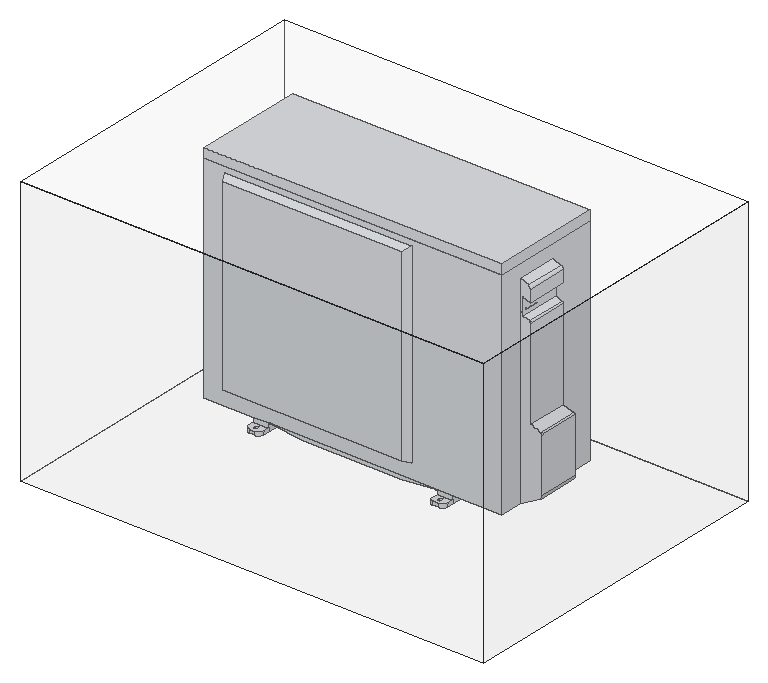
Revit family "puz-zrmp2863ska14_60hz", category 機械設備, Revit 2019 (continued)
Definition of nested family "PUZ-ZRMP-1"
  Lines and regions (mm)
    model lines, visible <- "タイプ1", detail levels fine
      curve 341: arc (-404.5, -100, 64) -> (-404.5, -98.536, 60.464) -> (-404.5, -95, 59) r 5
    model lines, visible <- "タイプ3", not visible
      curve 342: line (-404.5, -100, 907) -> (-404.5, -60, 907)
      curve 343: line (-404.5, -100, 1097) -> (-404.5, -100, 907)
      curve 344: line (-404.5, -60, 1097) -> (-404.5, -100, 1097)
      curve 345: line (-404.5, -60, 907) -> (-404.5, -60, 1097)
      curve 346: line (-404.5, 60, 907) -> (-404.5, 100, 907)
      curve 347: line (-404.5, 60, 1097) -> (-404.5, 60, 907)
      curve 348: line (-404.5, 100, 1097) -> (-404.5, 60, 1097)
      curve 349: line (-404.5, 100, 907) -> (-404.5, 100, 1097)
      curve 350: line (-404.5, -46.667, 907) -> (-404.5, -6.667, 907)
      curve 351: line (-404.5, -46.667, 1097) -> (-404.5, -46.667, 907)
      curve 352: line (-404.5, -6.667, 1097) -> (-404.5, -46.667, 1097)
      curve 353: line (-404.5, -6.667, 907) -> (-404.5, -6.667, 1097)
      curve 354: line (-404.5, 6.667, 907) -> (-404.5, 46.667, 907)
      curve 355: line (-404.5, 6.667, 1097) -> (-404.5, 6.667, 907)
      curve 356: line (-404.5, 46.667, 1097) -> (-404.5, 6.667, 1097)
      curve 357: line (-404.5, 46.667, 907) -> (-404.5, 46.667, 1097)
      curve 358: line (-404.5, -100, 1112) -> (-404.5, -60, 1112)
      curve 359: line (-404.5, -100, 1302) -> (-404.5, -100, 1112)
      curve 360: line (-404.5, -60, 1302) -> (-404.5, -100, 1302)
      curve 361: line (-404.5, -60, 1112) -> (-404.5, -60, 1302)
      curve 362: line (-404.5, 60, 1112) -> (-404.5, 100, 1112)
      curve 363: line (-404.5, 60, 1302) -> (-404.5, 60, 1112)
      curve 364: line (-404.5, 100, 1302) -> (-404.5, 60, 1302)
      curve 365: line (-404.5, 100, 1112) -> (-404.5, 100, 1302)
      curve 366: line (-404.5, -46.667, 1112) -> (-404.5, -6.667, 1112)
      curve 367: line (-404.5, -46.667, 1302) -> (-404.5, -46.667, 1112)
      curve 368: line (-404.5, -6.667, 1302) -> (-404.5, -46.667, 1302)
      curve 369: line (-404.5, -6.667, 1112) -> (-404.5, -6.667, 1302)
      curve 370: line (-404.5, 6.667, 1112) -> (-404.5, 46.667, 1112)
      curve 371: line (-404.5, 6.667, 1302) -> (-404.5, 6.667, 1112)
      curve 372: line (-404.5, 46.667, 1302) -> (-404.5, 6.667, 1302)
      curve 373: line (-404.5, 46.667, 1112) -> (-404.5, 46.667, 1302)
    model lines, visible <- "タイプ2", not visible
      curve 374: line (-600, -100, 33.5) -> (-600, -60, 33.5)
      curve 375: line (-600, -100, 73.5) -> (-600, -100, 33.5)
      curve 376: line (-600, -60, 73.5) -> (-600, -100, 73.5)
      curve 377: line (-600, -60, 33.5) -> (-600, -60, 73.5)
      curve 378: line (-600, 60, 33.5) -> (-600, 100, 33.5)
      curve 379: line (-600, 60, 73.5) -> (-600, 60, 33.5)
      curve 380: line (-600, 100, 73.5) -> (-600, 60, 73.5)
      curve 381: line (-600, 100, 33.5) -> (-600, 100, 73.5)
      curve 382: line (-509, -46.667, 33.5) -> (-509, -6.667, 33.5)
      curve 383: line (-509, -46.667, 73.5) -> (-509, -46.667, 33.5)
      curve 384: line (-509, -6.667, 73.5) -> (-509, -46.667, 73.5)
      curve 385: line (-509, -6.667, 33.5) -> (-509, -6.667, 73.5)
      curve 386: line (-509, 6.667, 33.5) -> (-509, 46.667, 33.5)
      curve 387: line (-509, 6.667, 73.5) -> (-509, 6.667, 33.5)
      curve 388: line (-509, 46.667, 73.5) -> (-509, 6.667, 73.5)
      curve 389: line (-509, 46.667, 33.5) -> (-509, 46.667, 73.5)
      curve 483: line (-404.5, -100, 33.5) -> (-404.5, -60, 33.5)
      curve 484: line (-404.5, -100, 73.5) -> (-404.5, -100, 33.5)
      curve 485: line (-404.5, -60, 73.5) -> (-404.5, -100, 73.5)
      curve 486: line (-404.5, -60, 33.5) -> (-404.5, -60, 73.5)
      curve 487: line (-404.5, 60, 33.5) -> (-404.5, 100, 33.5)
      curve 488: line (-404.5, 60, 73.5) -> (-404.5, 60, 33.5)
      curve 489: line (-404.5, 100, 73.5) -> (-404.5, 60, 73.5)
      curve 490: line (-404.5, 100, 33.5) -> (-404.5, 100, 73.5)
      curve 491: line (-404.5, -46.667, 33.5) -> (-404.5, -6.667, 33.5)
      curve 492: line (-404.5, -46.667, 73.5) -> (-404.5, -46.667, 33.5)
      curve 493: line (-404.5, -6.667, 73.5) -> (-404.5, -46.667, 73.5)
      curve 494: line (-404.5, -6.667, 33.5) -> (-404.5, -6.667, 73.5)
      curve 495: line (-404.5, 6.667, 33.5) -> (-404.5, 46.667, 33.5)
      curve 496: line (-404.5, 6.667, 73.5) -> (-404.5, 6.667, 33.5)
      curve 497: line (-404.5, 46.667, 73.5) -> (-404.5, 6.667, 73.5)
      curve 498: line (-404.5, 46.667, 33.5) -> (-404.5, 46.667, 73.5)
    model lines, not visible
      curve 390: line (-404.5, -100, 87) -> (-404.5, -60, 87)
      curve 391: line (-404.5, -100, 277) -> (-404.5, -100, 87)
      curve 392: line (-404.5, -60, 277) -> (-404.5, -100, 277)
      curve 393: line (-404.5, -60, 87) -> (-404.5, -60, 277)
      curve 394: line (-404.5, -100, 292) -> (-404.5, -60, 292)
      curve 395: line (-404.5, -100, 482) -> (-404.5, -100, 292)
      curve 396: line (-404.5, -60, 482) -> (-404.5, -100, 482)
      curve 397: line (-404.5, -60, 292) -> (-404.5, -60, 482)
      curve 398: line (-404.5, -100, 497) -> (-404.5, -60, 497)
      curve 399: line (-404.5, -100, 687) -> (-404.5, -100, 497)
      curve 400: line (-404.5, -60, 687) -> (-404.5, -100, 687)
      curve 401: line (-404.5, -60, 497) -> (-404.5, -60, 687)
      curve 402: line (-404.5, -100, 702) -> (-404.5, -60, 702)
      curve 403: line (-404.5, -100, 892) -> (-404.5, -100, 702)
      curve 404: line (-404.5, -60, 892) -> (-404.5, -100, 892)
      curve 405: line (-404.5, -60, 702) -> (-404.5, -60, 892)
      curve 406: line (-404.5, 60, 87) -> (-404.5, 100, 87)
      curve 407: line (-404.5, 60, 277) -> (-404.5, 60, 87)
      curve 408: line (-404.5, 100, 277) -> (-404.5, 60, 277)
      curve 409: line (-404.5, 100, 87) -> (-404.5, 100, 277)
      curve 410: line (-404.5, -46.667, 87) -> (-404.5, -6.667, 87)
      curve 411: line (-404.5, -46.667, 277) -> (-404.5, -46.667, 87)
      curve 412: line (-404.5, -6.667, 277) -> (-404.5, -46.667, 277)
      curve 413: line (-404.5, -6.667, 87) -> (-404.5, -6.667, 277)
      curve 414: line (-404.5, 6.667, 87) -> (-404.5, 46.667, 87)
      curve 415: line (-404.5, 6.667, 277) -> (-404.5, 6.667, 87)
      curve 416: line (-404.5, 46.667, 277) -> (-404.5, 6.667, 277)
      curve 417: line (-404.5, 46.667, 87) -> (-404.5, 46.667, 277)
      curve 418: line (-404.5, 60, 292) -> (-404.5, 100, 292)
      curve 419: line (-404.5, 60, 482) -> (-404.5, 60, 292)
      curve 420: line (-404.5, 100, 482) -> (-404.5, 60, 482)
      curve 421: line (-404.5, 100, 292) -> (-404.5, 100, 482)
      curve 422: line (-404.5, 60, 702) -> (-404.5, 100, 702)
      curve 423: line (-404.5, 60, 892) -> (-404.5, 60, 702)
      curve 424: line (-404.5, 100, 892) -> (-404.5, 60, 892)
      curve 425: line (-404.5, 100, 702) -> (-404.5, 100, 892)
      curve 426: line (-404.5, -46.667, 292) -> (-404.5, -6.667, 292)
      curve 427: line (-404.5, -46.667, 482) -> (-404.5, -46.667, 292)
      curve 428: line (-404.5, -6.667, 482) -> (-404.5, -46.667, 482)
      curve 429: line (-404.5, -6.667, 292) -> (-404.5, -6.667, 482)
      curve 430: line (-404.5, -46.667, 497) -> (-404.5, -6.667, 497)
      curve 431: line (-404.5, -46.667, 687) -> (-404.5, -46.667, 497)
      curve 432: line (-404.5, -6.667, 687) -> (-404.5, -46.667, 687)
      curve 433: line (-404.5, -6.667, 497) -> (-404.5, -6.667, 687)
      curve 434: line (-404.5, -46.667, 702) -> (-404.5, -6.667, 702)
      curve 435: line (-404.5, -46.667, 892) -> (-404.5, -46.667, 702)
      curve 436: line (-404.5, -6.667, 892) -> (-404.5, -46.667, 892)
      curve 437: line (-404.5, -6.667, 702) -> (-404.5, -6.667, 892)
      curve 438: line (-404.5, 6.667, 292) -> (-404.5, 46.667, 292)
      curve 439: line (-404.5, 6.667, 482) -> (-404.5, 6.667, 292)
      curve 440: line (-404.5, 46.667, 482) -> (-404.5, 6.667, 482)
      curve 441: line (-404.5, 46.667, 292) -> (-404.5, 46.667, 482)
      curve 442: line (-404.5, 6.667, 497) -> (-404.5, 46.667, 497)
      curve 443: line (-404.5, 6.667, 687) -> (-404.5, 6.667, 497)
      curve 444: line (-404.5, 46.667, 687) -> (-404.5, 6.667, 687)
      curve 445: line (-404.5, 46.667, 497) -> (-404.5, 46.667, 687)
      curve 446: line (-404.5, 6.667, 702) -> (-404.5, 46.667, 702)
      curve 447: line (-404.5, 6.667, 892) -> (-404.5, 6.667, 702)
      curve 448: line (-404.5, 46.667, 892) -> (-404.5, 6.667, 892)
      curve 449: line (-404.5, 46.667, 702) -> (-404.5, 46.667, 892)
      curve 450: line (-338.5, -173.2, 372.5) -> (149.5, -173.2, 372.5)
      curve 451: line (149.5, -173.2, 277.5) -> (-338.5, -173.2, 277.5)
      curve 452: line (-338.5, -173.2, 467.5) -> (149.5, -173.2, 467.5)
      curve 453: line (-338.5, -173.2, 562.5) -> (149.5, -173.2, 562.5)
      curve 454: line (149.5, -173.2, 182.5) -> (-338.5, -173.2, 182.5)
      curve 455: line (149.5, -173.2, 87.5) -> (-338.5, -173.2, 87.5)
      curve 456: line (-321.071, -173.2, 579) -> (-321.071, -173.2, 71)
      curve 457: line (132.071, -173.2, 71) -> (132.071, -173.2, 579)
      curve 458: line (-303.643, -173.2, 579) -> (-303.643, -173.2, 71)
      curve 459: line (-286.214, -173.2, 579) -> (-286.214, -173.2, 71)
      curve 460: line (-268.786, -173.2, 579) -> (-268.786, -173.2, 71)
      curve 461: line (-251.357, -173.2, 579) -> (-251.357, -173.2, 71)
      curve 462: line (-233.929, -173.2, 579) -> (-233.929, -173.2, 71)
      curve 463: line (-216.5, -173.2, 579) -> (-216.5, -173.2, 71)
      curve 464: line (-199.071, -173.2, 579) -> (-199.071, -173.2, 71)
      curve 465: line (-181.643, -173.2, 579) -> (-181.643, -173.2, 71)
      curve 466: line (-164.214, -173.2, 579) -> (-164.214, -173.2, 71)
      curve 467: line (-146.786, -173.2, 579) -> (-146.786, -173.2, 71)
      curve 468: line (-129.357, -173.2, 579) -> (-129.357, -173.2, 71)
      curve 469: line (-111.929, -173.2, 579) -> (-111.929, -173.2, 71)
      curve 470: line (-94.5, -173.2, 579) -> (-94.5, -173.2, 71)
      curve 471: line (-77.071, -173.2, 579) -> (-77.071, -173.2, 71)
      curve 472: line (-59.643, -173.2, 579) -> (-59.643, -173.2, 71)
      curve 473: line (-42.214, -173.2, 579) -> (-42.214, -173.2, 71)
      curve 474: line (-24.786, -173.2, 579) -> (-24.786, -173.2, 71)
      curve 475: line (-7.357, -173.2, 579) -> (-7.357, -173.2, 71)
      curve 476: line (10.071, -173.2, 579) -> (10.071, -173.2, 71)
      curve 477: line (27.5, -173.2, 579) -> (27.5, -173.2, 71)
      curve 478: line (44.929, -173.2, 579) -> (44.929, -173.2, 71)
      curve 479: line (62.357, -173.2, 579) -> (62.357, -173.2, 71)
      curve 480: line (79.786, -173.2, 579) -> (79.786, -173.2, 71)
      curve 481: line (97.214, -173.2, 579) -> (97.214, -173.2, 71)
      curve 482: line (114.643, -173.2, 579) -> (114.643, -173.2, 71)
    symbolic lines, visible <- "タイプ1"
      curve 499: line (-278.151, 150, 630) -> (-404.5, 150, 630)
      curve 500: line (-404.5, 150, 630) -> (-404.5, -5.599, 630)
      curve 501: line (-404.5, 40, 630) -> (-424.5, 30, 630)
      curve 502: line (-424.5, 30, 630) -> (-424.5, -30, 630)
      curve 503: line (-424.5, -30, 630) -> (-404.5, -40, 630)
      curve 504: line (-404.5, -5.599, 630) -> (-404.5, -150, 630)
      curve 505: line (-404.5, -150, 630) -> (-301.612, -150, 630)
      curve 506: arc (-272.806, -170, 630) -> (-268.124, -177.204, 630) -> (-260, -180, 630) r 13.2
      curve 507: line (-260, -180, 630) -> (-243.332, -180, 630)
      curve 508: arc (-243.332, -180, 630) -> (-235.208, -177.204, 630) -> (-230.526, -170, 630) r 13.2
      curve 509: line (-301.612, -150, 630) -> (280.999, -150, 630)
      curve 510: line (230, -150, 630) -> (230, -170, 630)
      curve 511: arc (230, -170, 630) -> (232.929, -177.071, 630) -> (240, -180, 630) r 10
      curve 512: line (240, -180, 630) -> (256.8, -180, 630)
      curve 513: arc (256.8, -180, 630) -> (266.134, -176.134, 630) -> (270, -166.8, 630) r 13.2
      curve 514: line (270, -166.8, 630) -> (270, -150, 630)
      curve 515: line (280.999, -150, 630) -> (404.5, -150, 630)
      curve 516: line (404.5, -150, 630) -> (404.5, -77.105, 630)
      curve 517: line (404.5, -90, 630) -> (466.5, -90, 630)
      curve 518: line (466.5, -90, 630) -> (466.5, 20, 630)
      curve 519: line (466.5, 20, 630) -> (404.5, 20, 630)
      curve 520: line (404.5, -77.105, 630) -> (404.5, 150, 630)
      curve 521: line (404.5, 150, 630) -> (308.975, 150, 630)
      curve 522: line (270, 150, 630) -> (270, 180, 630)
      curve 523: line (270, 180, 630) -> (230, 180, 630)
      curve 524: line (230, 180, 630) -> (230, 150, 630)
      curve 525: line (308.975, 150, 630) -> (-278.151, 150, 630)
      curve 526: line (-230, 150, 630) -> (-230, 180, 630)
      curve 527: line (-230, 180, 630) -> (-270, 180, 630)
      curve 528: line (-270, 180, 630) -> (-270, 150, 630)
      curve 529: line (-324.5, 100, 630) -> (324.5, 100, 630)
      curve 530: line (-324.5, 40, 630) -> (-324.5, 100, 630)
      curve 531: line (324.5, 40, 630) -> (-324.5, 40, 630)
      curve 532: line (324.5, 100, 630) -> (324.5, 40, 630)
      curve 533: line (324.5, 30, 630) -> (-324.5, 30, 630)
      curve 534: line (324.5, -30, 630) -> (324.5, 30, 630)
      curve 535: line (-324.5, -30, 630) -> (324.5, -30, 630)
      curve 536: line (-324.5, 30, 630) -> (-324.5, -30, 630)
      curve 537: line (-324.5, -40, 630) -> (324.5, -40, 630)
      curve 538: line (-324.5, -100, 630) -> (-324.5, -40, 630)
      curve 539: line (324.5, -100, 630) -> (-324.5, -100, 630)
      curve 540: line (324.5, -40, 630) -> (324.5, -100, 630)
      curve 541: line (339.5, 100, 630) -> (354.5, 100, 630)
      curve 542: line (339.5, -100, 630) -> (339.5, 100, 630)
      curve 543: line (354.5, -100, 630) -> (339.5, -100, 630)
      curve 544: line (354.5, 100, 630) -> (354.5, -100, 630)
      curve 545: line (-354.5, 100, 630) -> (-339.5, 100, 630)
      curve 546: line (-354.5, -100, 630) -> (-354.5, 100, 630)
      curve 547: line (-339.5, -100, 630) -> (-354.5, -100, 630)
      curve 548: line (-339.5, 100, 630) -> (-339.5, -100, 630)
      curve 549: line (-338.5, -170, 630) -> (149.5, -170, 630)
      curve 550: line (149.5, -170, 630) -> (159.5, -150, 630)
      curve 551: line (-348.5, -150, 630) -> (-338.5, -170, 630)
  Dimensions and locks
    equal spacing: plane 8, plane 1 "中心(正面/背面)", plane 7
    "奥行き": plane 8 to plane 7
    equal spacing: plane 5, plane 3 "中心(左/右)", plane 6
    "幅さ": plane 5 to plane 6
    "高さ": plane 4 to level
    locked: plane 6 to plane 9 at 62
    locked: plane 8 to plane 10 at 60
    locked: plane 8 to plane 11 at 170
    locked: plane 4 to plane 12 at 25
    locked: plane 13 to plane 5 at 20
    "吊りボルト-D": plane 17 to plane 16
    equal spacing: plane 17, plane 1 "中心(正面/背面)", plane 16
    equal spacing: plane 14, plane 3 "中心(左/右)", plane 15
    "吊りボルト-W": plane 14 to plane 15
    plane 21 to plane 14 to plane 20 = 20 mm locked, 20 mm locked
    plane 19 to plane 15 to plane 18 = 20 mm locked, 20 mm locked
    locked: plane 16 to plane 22 at 15
    locked: plane 23 to plane 17 at 15
    locked: plane 24 to level at 8.5
    locked: plane 25 to level at 20
    locked: plane 26 to plane 24 at 3
    locked: plane 4 to plane 29 at 5
    plane 7 to plane 1 "中心(正面/背面)" to plane 8 = 150 mm, 150 mm
    plane 31 to plane 1 "中心(正面/背面)" to plane 30 = 40 mm locked, 40 mm locked
    plane 33 to plane 1 "中心(正面/背面)" to plane 32 = 30 mm locked, 30 mm locked
    locked: plane 34 to plane 12 at 5
    locked: plane 35 to level at 55
    locked: plane 36 to level at 225
    equal spacing: plane 6, plane 39, plane 9
    locked: plane 6 to plane 38 at 10
    locked: plane 20 to plane 27 at 95
    locked: plane 28 to plane 19 at 95
    "換気-D": plane 40 to plane 8
    "換気-W": plane 41 to plane 5
    "換気-H1": plane 42 to level
    plane 43 to plane 41 to plane 44 = 254 mm locked, 254 mm locked
    plane 45 to plane 42 to plane 46 = 264 mm locked, 264 mm locked
    locked: plane 43 to plane 48 at 10
    locked: plane 47 to plane 44 at 10
    locked: plane 45 to plane 49 at 10
    locked: plane 50 to plane 46 at 10
    locked: curve 26 to plane 50 at 16.5
    locked: plane 49 to curve 24 at 16.5
    equal spacing: curve 24, curve 23, curve 21, curve 22, curve 25, curve 26
    equal spacing: plane 48, curve 28, curve 53, curve 52, curve 51, curve 50, curve 49, curve 48, curve 47, curve 46, curve 45, curve 44, curve 43, curve 42, curve 41, curve 40, curve 39, curve 38, curve 37, curve 36, curve 35, curve 34, curve 33, curve 32, curve 31, curve 30, curve 29, curve 27, plane 47
    locked: curve 4 to curve 6 at 10
    locked: curve 3 to curve 5 at 10
    locked: plane 51 to plane 7 at 50
    locked: plane 8 to plane 52 at 50
    equal spacing: group 1, group 2, group 3, group 4, group 5, group 6, group 7, group 8, group 9, group 10, group 11, group 12, group 13, group 14, group 15, group 16, group 17, group 18  (x2)
    equal spacing: group 18, group 17, group 16, group 15, group 14, group 13, group 12, group 11, group 10, group 9, group 8, group 7, group 6, group 5, group 4, group 3, group 2, group 1
    "ドレン管径-X": plane 5 to plane 53
    "ドレン管径-Y": plane 8 to plane 54
    "配線取出口-Y": plane 57 to plane 7
    "冷媒液管径-Y": plane 58 to plane 7
    "冷媒ガス管径-Y": plane 59 to plane 7
    "配線取出口-X": plane 3 "中心(左/右)" to plane 56
    "冷媒ガス管径-X": plane 3 "中心(左/右)" to plane 55
    "冷媒液管径-X": plane 3 "中心(左/右)" to plane 60
    "冷媒液管径-Z": plane 62 to level
    "冷媒ガス管径-Z": plane 61 to level
    "配線取出口-Z": plane 63 to level
    locked: plane 57 to plane 64 at 50
    locked: plane 65 to plane 61 at 37.8
    locked: plane 66 to plane 62 at 16.1
    equal spacing: plane 55, plane 67, plane 60
    equal spacing: plane 58, plane 68, plane 59
    "a": plane 69 "グループ" to plane 3 "中心(左/右)"
    plane 71 to level = 943 mm
    plane 70 to level = 1338 mm
    locked: plane 37 to level at 570
    curve 21 to plane 42 to curve 22 = 47.5 mm locked, 47.5 mm locked
    "換気-H2": plane 72 to plane 42
    plane 73 to plane 72 to plane 74 = 264 mm locked, 264 mm locked
    locked: plane 76 to plane 74 at 10
    locked: plane 73 to plane 75 at 10
    plane 48 to plane 47 = 488 mm
    plane 68 to plane 7 = 185.5 mm
    plane 61 to level = 99.5 mm
    plane 65 to plane 61 = 37.8 mm
    plane 62 to level = 164.5 mm
    plane 66 to plane 62 = 16.1 mm
    plane 68 to plane 77 to plane 78 = 23 mm locked, 17.5 mm locked
    plane 68 to plane 77 = 23 mm
    plane 77 to plane 78 = 17.5 mm
    equal spacing: plane 77, plane 79, plane 78
    "ドレン配管サイズ": diameter of Extrusion 3 sketch curve
    "配線取出口サイズ": diameter of Extrusion 9 sketch curve
    "吊りボルト-φ": diameter of Extrusion 10 sketch curve  (x4)
    "冷媒配管サイズ": diameter of Sweep 11 sketch curve
    "ガス配管サイズ": diameter of Sweep 12 sketch curve
    aligned and locked: level to plane 2
    aligned and locked: Extrusion 1 to level
    aligned and locked: plane 25 to Extrusion 1
    aligned and locked: Extrusion 2 sketch curve to plane 25
    aligned and locked: Extrusion 2 sketch curve to plane 26
    aligned and locked: Extrusion 2 to plane 7
    aligned and locked: plane 8 to Extrusion 2
    aligned and locked: Extrusion 3 to plane 26
    aligned and locked: Extrusion 3 to plane 24
    aligned and locked: Extrusion 4 sketch curve to plane 7
    aligned and locked: Extrusion 4 sketch curve to plane 8
    aligned and locked: Extrusion 4 sketch curve to plane 5
    aligned and locked: Extrusion 4 sketch curve to plane 6
    aligned and locked: Extrusion 4 to plane 25
    aligned and locked: plane 12 to Extrusion 4
    aligned and locked: Extrusion 5 sketch curve to Extrusion 4  (x4)
    aligned and locked: Extrusion 5 to plane 12
    aligned and locked: plane 4 to Extrusion 5
    aligned and locked: plane 29 to Blend 6 sketch curve
    aligned and locked: Blend 6 sketch curve to plane 31
    aligned and locked: Blend 6 sketch curve to plane 12  (x2)
    aligned and locked: plane 30 to Blend 6 sketch curve
    aligned and locked: plane 34 to Blend 6 sketch curve
    aligned and locked: Blend 6 sketch curve to plane 33
    aligned and locked: plane 32 to Blend 6 sketch curve
    aligned and locked: Blend 6 to plane 13
    aligned and locked: plane 5 to Blend 6
    aligned and locked: Extrusion 7 sketch curve to plane 6
    aligned and locked: Extrusion 7 sketch curve to plane 9
    aligned and locked: Extrusion 7 sketch curve to plane 39
    aligned and locked: Extrusion 7 sketch curve to Extrusion 7 sketch curve
    aligned and locked: Extrusion 7 sketch curve to plane 38
    aligned and locked: Extrusion 7 to plane 11
    aligned and locked: plane 10 to Extrusion 7
    aligned and locked: Blend 8 sketch curve to plane 45
    aligned and locked: Blend 8 sketch curve to plane 46
    aligned and locked: Blend 8 sketch curve to plane 44
    aligned and locked: Blend 8 sketch curve to plane 43
    aligned and locked: Blend 8 sketch curve to plane 49
    aligned and locked: Blend 8 sketch curve to plane 47
    aligned and locked: Blend 8 sketch curve to plane 48
    aligned and locked: Blend 8 sketch curve to plane 50
    aligned and locked: Blend 8 to plane 8
    aligned and locked: plane 40 to Blend 8
    aligned and locked: curve 17 to plane 51
    aligned and locked: curve 1 to plane 51
    aligned and locked: plane 51 to curve 19
    aligned and locked: curve 18 to plane 52
    aligned and locked: plane 52 to curve 2
    aligned and locked: plane 52 to curve 20
    aligned and locked: plane 53 to Extrusion 3 sketch curve
    aligned and locked: plane 54 to Extrusion 3 sketch curve
    aligned and locked: plane 63 to Extrusion 9 sketch curve
    aligned and locked: plane 56 to Extrusion 9 sketch curve
    aligned and locked: plane 57 to Extrusion 9
    aligned and locked: Extrusion 9 to plane 64
    aligned and locked: plane 22 to Extrusion 10 sketch curve  (x4)
    aligned and locked: plane 21 to Extrusion 10 sketch curve
    aligned and locked: Extrusion 2 to Extrusion 10 sketch curve  (x2)
    aligned and locked: Extrusion 10 sketch curve to Extrusion 1  (x6)
    aligned and locked: plane 19 to Extrusion 10 sketch curve
    aligned and locked: Extrusion 10 sketch curve to plane 23  (x2)
    aligned and locked: Extrusion 10 sketch curve to plane 18
    aligned and locked: Extrusion 10 sketch curve to plane 20
    aligned and locked: plane 16 to Extrusion 10 sketch curve  (x2)
    aligned and locked: plane 14 to Extrusion 10 sketch curve  (x2)
    aligned and locked: plane 17 to Extrusion 10 sketch curve  (x2)
    aligned and locked: plane 15 to Extrusion 10 sketch curve  (x2)
    aligned and locked: level to Extrusion 10
    aligned and locked: plane 24 to Extrusion 10
    aligned and locked: Masking region 1 sketch curve to Extrusion 5  (x4)
    aligned and locked: Masking region 1 sketch curve to Blend 6  (x3)
    aligned and locked: Masking region 1 sketch curve to Extrusion 7  (x2)
    aligned and locked: Masking region 1 sketch curve to plane 9
    aligned and locked: Masking region 1 sketch curve to Extrusion 10  (x8)
    aligned and locked: Masking region 1 to curve 499
    aligned and locked: curve 500 to Masking region 1
    aligned and locked: curve 501 to Masking region 1
    aligned and locked: curve 502 to Masking region 1
    aligned and locked: curve 503 to Masking region 1
    aligned and locked: curve 504 to Masking region 1
    aligned and locked: curve 505 to Masking region 1
    aligned and locked: curve 506 to Masking region 1
    aligned and locked: curve 508 to Masking region 1
    aligned and locked: curve 510 to Masking region 1
    aligned and locked: curve 511 to Masking region 1
    aligned and locked: curve 513 to Masking region 1
    aligned and locked: Masking region 1 to curve 515
    aligned and locked: curve 516 to Masking region 1
    aligned and locked: curve 517 to Masking region 1
    aligned and locked: curve 518 to Masking region 1
    aligned and locked: curve 519 to Masking region 1
    aligned and locked: curve 520 to Masking region 1
    aligned and locked: curve 521 to Masking region 1
    aligned and locked: curve 522 to Masking region 1
    aligned and locked: curve 523 to Masking region 1
    aligned and locked: curve 524 to Masking region 1
    aligned and locked: curve 525 to Masking region 1
    aligned and locked: curve 526 to Masking region 1
    aligned and locked: curve 527 to Masking region 1
    aligned and locked: curve 528 to Masking region 1
    aligned and locked: curve 532 to curve 12
    aligned and locked: Masking region 1 sketch curve to curve 21
    aligned and locked: Masking region 1 sketch curve to Blend 8  (x2)
    aligned and locked: curve 549 to Blend 8
    aligned and locked: curve 550 to Blend 8
    aligned and locked: curve 551 to Blend 8
    aligned and locked: plane 78 to Sweep 12 sketch curve
    aligned and locked: plane 58 to Sweep 12 sketch curve
    aligned and locked: plane 77 to Sweep 11 sketch curve
    aligned and locked: plane 58 to Sweep 11 sketch curve
    aligned and locked: plane 61 to Sweep 12 sketch curve
  Automatic sketch dimensions
    Extrusion 2 sketch curve to plane 20 = 0 mm
    Extrusion 2 sketch curve to plane 27 = 0 mm
    Extrusion 2 sketch curve to plane 28 = 0 mm
    Extrusion 2 sketch curve to plane 19 = 0 mm
    Extrusion 7 sketch curve to plane 39 = 0 mm
    Extrusion 7 sketch curve to plane 25 = 0 mm
    Extrusion 7 sketch curve to plane 36 = 0 mm
    Extrusion 7 sketch curve to plane 37 = 0 mm
    Extrusion 7 sketch curve to Extrusion 7 sketch curve = 10 mm
    Extrusion 7 sketch curve to plane 39 = 6.58 mm
    Extrusion 7 sketch curve to Extrusion 7 sketch curve = 5 mm  (x2)
    plane 39 to Extrusion 7 sketch curve = 21 mm
    Extrusion 7 sketch curve to plane 39 = 3.29 mm
    Extrusion 7 sketch curve to plane 9 = 3.29 mm
    Extrusion 7 sketch curve to plane 35 = 2.87 mm
    Extrusion 7 sketch curve to Extrusion 7 sketch curve = 81.633 mm
    Extrusion 7 sketch curve to Extrusion 7 sketch curve = 30.244 mm
    Extrusion 7 sketch curve to Extrusion 7 sketch curve = 7.643 mm
    plane 7 to Extrusion 1 sketch curve = 0 mm  (x2)
    Extrusion 1 sketch curve to plane 18 = 0 mm
    plane 8 to Extrusion 1 sketch curve = 0 mm  (x2)
    Extrusion 1 sketch curve to plane 19 = 0 mm
    Extrusion 1 sketch curve to plane 20 = 0 mm
    Extrusion 1 sketch curve to plane 21 = 0 mm
    curve 383 to curve 384 = 40 mm
    curve 382 to curve 386 = 13.333 mm
    curve 386 to curve 386 = 40 mm
    curve 382 to curve 389 = 0 mm
    curve 382 to curve 384 = 40 mm
    curve 384 to curve 387 = 0 mm
    curve 375 to curve 376 = 40 mm
    curve 374 to curve 378 = 120 mm
    curve 378 to curve 378 = 40 mm
    curve 374 to curve 381 = 0 mm
    curve 374 to curve 376 = 40 mm
    curve 378 to curve 379 = 40 mm
    curve 25 to plane 47 = 0 mm
    curve 24 to plane 47 = 0 mm
    curve 22 to plane 47 = 0 mm
    curve 23 to plane 47 = 0 mm
    curve 26 to plane 47 = 0 mm
    curve 21 to plane 47 = 0 mm
    curve 24 to plane 48 = 0 mm
    curve 25 to plane 48 = 0 mm
    curve 26 to plane 48 = 0 mm
    curve 23 to plane 48 = 0 mm
    curve 22 to plane 48 = 0 mm
    curve 21 to plane 48 = 0 mm
    curve 37 to plane 50 = 0 mm
    curve 52 to plane 50 = 0 mm
    curve 51 to plane 50 = 0 mm
    curve 50 to plane 50 = 0 mm
    curve 49 to plane 50 = 0 mm
    curve 48 to plane 50 = 0 mm
    curve 47 to plane 50 = 0 mm
    curve 46 to plane 50 = 0 mm
    curve 45 to plane 50 = 0 mm
    curve 44 to plane 50 = 0 mm
    curve 43 to plane 50 = 0 mm
    curve 42 to plane 50 = 0 mm
    curve 41 to plane 50 = 0 mm
    curve 27 to plane 50 = 0 mm
    curve 28 to plane 50 = 0 mm
    curve 40 to plane 50 = 0 mm
    curve 39 to plane 50 = 0 mm
    curve 29 to plane 50 = 0 mm
    curve 38 to plane 50 = 0 mm
    curve 30 to plane 50 = 0 mm
    curve 53 to plane 50 = 0 mm
    curve 31 to plane 50 = 0 mm
    curve 36 to plane 50 = 0 mm
    curve 32 to plane 50 = 0 mm
    curve 35 to plane 50 = 0 mm
    curve 33 to plane 50 = 0 mm
    curve 34 to plane 50 = 0 mm
    curve 28 to plane 49 = 0 mm
    curve 41 to plane 49 = 0 mm
    curve 27 to plane 49 = 0 mm
    curve 42 to plane 49 = 0 mm
    curve 31 to plane 49 = 0 mm
    curve 40 to plane 49 = 0 mm
    curve 37 to plane 49 = 0 mm
    curve 39 to plane 49 = 0 mm
    curve 32 to plane 49 = 0 mm
    curve 45 to plane 49 = 0 mm
    curve 36 to plane 49 = 0 mm
    curve 46 to plane 49 = 0 mm
    curve 43 to plane 49 = 0 mm
    curve 47 to plane 49 = 0 mm
    curve 29 to plane 49 = 0 mm
    curve 48 to plane 49 = 0 mm
    curve 30 to plane 49 = 0 mm
    curve 49 to plane 49 = 0 mm
    curve 44 to plane 49 = 0 mm
    curve 50 to plane 49 = 0 mm
    curve 33 to plane 49 = 0 mm
    curve 51 to plane 49 = 0 mm
    curve 35 to plane 49 = 0 mm
    curve 52 to plane 49 = 0 mm
    curve 38 to plane 49 = 0 mm
    curve 53 to plane 49 = 0 mm
    curve 34 to plane 49 = 0 mm
    Masking region 1 sketch curve to plane 5 = 0 mm
    Masking region 1 sketch curve to plane 6 = 0 mm
    plane 7 to Masking region 1 sketch curve = 0 mm  (x2)
    Masking region 1 sketch curve to plane 15 = 10 mm
    Masking region 1 sketch curve to plane 19 = 0 mm
    plane 8 to Masking region 1 sketch curve = 0 mm  (x2)
    plane 32 to curve 535 = 0 mm
    plane 33 to curve 534 = 0 mm
    curve 541 to plane 56 = 45.5 mm
    curve 13 to curve 20 = 15 mm
    plane 18 to curve 535 = 54.5 mm
    curve 532 to curve 6 = 0 mm
    curve 537 to curve 5 = 0 mm
    plane 47 to curve 536 = 14 mm
    plane 47 to curve 538 = 14 mm
    plane 47 to curve 1 = 14 mm
    curve 16 to plane 47 = 1 mm
    curve 15 to plane 44 = 6 mm
    plane 1 "中心(正面/背面)" to curve 504 = 5.599 mm
    curve 528 to curve 499 = 8.151 mm
    curve 521 to curve 522 = 38.975 mm
    curve 516 to plane 10 = 12.895 mm
    curve 515 to curve 514 = 10.999 mm
    plane 40 to Masking region 1 sketch curve = 0 mm
    Masking region 1 sketch curve to plane 40 = 3.2 mm  (x2)
    Masking region 1 sketch curve to plane 14 = 10 mm
    Masking region 1 sketch curve to plane 20 = 0.526 mm
    curve 509 to plane 21 = 31.612 mm
    Sweep 12 sketch curve to plane 65 = 0 mm
    Sweep 11 sketch curve to plane 62 = 0 mm
    Sweep 11 sketch curve to plane 66 = 0 mm
    plane 40 to Extrusion 10 sketch curve = 0 mm
    plane 17 to Extrusion 10 sketch curve = 0 mm  (x2)
    Extrusion 10 sketch curve to Extrusion 10 sketch curve = 1.8 mm  (x3)
    plane 17 to Extrusion 10 sketch curve = 1.8 mm  (x2)
    Extrusion 10 sketch curve to Extrusion 10 sketch curve = 0 mm
    Sweep 11 sketch curve to plane 67 = 0 mm
    Sweep 11 sketch curve to profile plane = 0 mm
    Sweep 12 sketch curve to plane 67 = 0 mm
    Sweep 12 sketch curve to profile plane = 0 mm
Definition of nested family "固定点"
  Parameters (values of type "固定点")
    中心円 = if(W > 599 mm, 12 mm, 10 mm)  # 12 mm
    W = 1000 mm
    D = 1000 mm
  Reference planes
    plane 1 "中心(正面/背面)": y = 0
    plane 2: z = 0
    plane 3 "中心(左/右)": x = 0
    plane 4: x = 1000
    plane 5: y = 1000
  Lines and regions (mm)
    symbolic lines, detail levels fine
      curve 1: circle (0, 1000, 0) r 6 normal (0, 0, 1)
      curve 2: circle (0, 0, 0) r 6 normal (0, 0, 1)
      curve 3: circle (1000, 1000, 0) r 6 normal (0, 0, 1)
      curve 4: circle (1000, 0, 0) r 6 normal (0, 0, 1)
      curve 5: line (-200, 1000, 0) -> (1200, 1000, 0)
      curve 6: line (-200, 0, 0) -> (1200, 0, 0)
      curve 7: line (0, 1200, 0) -> (0, -200, 0)
      curve 8: line (1000, 1200, 0) -> (1000, -200, 0)
  Dimensions and locks
    "W": plane 3 "中心(左/右)" to plane 4
    "D": plane 1 "中心(正面/背面)" to plane 5
    "中心円": diameter of curve 1
    "中心円": diameter of curve 2
    "中心円": diameter of curve 3
    "中心円": diameter of curve 4
    aligned and locked: level to plane 2
    aligned and locked: plane 5 to curve 1
    aligned and locked: plane 3 "中心(左/右)" to curve 1
    aligned and locked: plane 3 "中心(左/右)" to curve 2
    aligned and locked: plane 1 "中心(正面/背面)" to curve 2
    aligned and locked: plane 4 to curve 3
    aligned and locked: plane 5 to curve 3
    aligned and locked: plane 1 "中心(正面/背面)" to curve 4
    aligned and locked: plane 4 to curve 4
    aligned and locked: plane 1 "中心(正面/背面)" to curve 6
    aligned and locked: curve 7 to plane 3 "中心(左/右)"
    aligned and locked: curve 8 to plane 4
  Automatic sketch dimensions
    curve 5 to plane 5 = 0 mm
    curve 6 to plane 3 "中心(左/右)" = 200 mm
    curve 5 to plane 3 "中心(左/右)" = 200 mm
    curve 4 to curve 6 = 200 mm
    curve 3 to curve 5 = 200 mm
    plane 1 "中心(正面/背面)" to curve 8 = 200 mm
    plane 1 "中心(正面/背面)" to curve 7 = 200 mm
    curve 3 to curve 8 = 200 mm
    curve 1 to curve 7 = 200 mm
Types (12, lengths in mm): name | 音響パワーレベル_冷房 (dB) | 音響パワーレベル_暖房 (dB) | 音響パワーレベル(dB) | 電動機出力_圧縮機 | 質量 | 製品質量 | 相 | 構成品番 | 極数 | 最小電線太さ_mm2 | 暖房能力 | 推奨ブレーカー容量 | 冷房能力
  室外機_PUZ-ZRMP28SKA14 (-BS_BSG) | 64 | 66 | 66 | 0.5 kW | 44.40 kg | 37.00 kg | 1 | "PUZ-ZRMP28SKA14 (-BS,-BSG)" | 1 | 3.5 | 2.8 kW | 20 A | 2.5 kW
  室外機_PUZ-ZRMP28KA14 (-BS_BSG) | 64 | 66 | 66 | 0.5 kW | 43.20 kg | 36.00 kg | 3 | "PUZ-ZRMP28KA14 (-BS,-BSG)" | 3 | 2 | 2.8 kW | 15 A | 2.5 kW
  室外機_PUZ-ZRMP40SKA14 (-BS_BSG) | 64 | 66 | 66 | 0.6 kW | 51.60 kg | 43.00 kg | 1 | "PUZ-ZRMP40SKA14 (-BS,-BSG)" | 1 | 3.5 | 4 kW | 20 A | 3.6 kW
  室外機_PUZ-ZRMP40KA14 (-BS_BSG) | 64 | 66 | 66 | 0.6 kW | 49.20 kg | 41.00 kg | 3 | "PUZ-ZRMP40KA14 (-BS,-BSG)" | 3 | 2 | 4 kW | 15 A | 3.6 kW
  室外機_PUZ-ZRMP45SKA14 (-BS_BSG) | 64 | 66 | 66 | 0.7 kW | 51.60 kg | 43.00 kg | 1 | "PUZ-ZRMP45SKA14 (-BS,-BSG)" | 1 | 3.5 | 4.5 kW | 20 A | 4 kW
  室外機_PUZ-ZRMP45KA14 (-BS_BSG) | 64 | 66 | 66 | 0.7 kW | 49.20 kg | 41.00 kg | 3 | "PUZ-ZRMP45KA14 (-BS,-BSG)" | 3 | 2 | 4.5 kW | 15 A | 4 kW
  室外機_PUZ-ZRMP50SKA14 (-BS_BSG) | 65 | 67 | 67 | 0.8 kW | 51.60 kg | 43.00 kg | 1 | "PUZ-ZRMP50SKA14 (-BS,-BSG)" | 1 | 3.5 | 5 kW | 20 A | 4.5 kW
  室外機_PUZ-ZRMP50KA14 (-BS_BSG) | 65 | 67 | 67 | 0.8 kW | 49.20 kg | 41.00 kg | 3 | "PUZ-ZRMP50KA14 (-BS,-BSG)" | 3 | 2 | 5 kW | 15 A | 4.5 kW
  室外機_PUZ-ZRMP56SKA14 (-BS_BSG) | 65 | 67 | 67 | 0.9 kW | 51.60 kg | 43.00 kg | 1 | "PUZ-ZRMP56SKA14 (-BS,-BSG)" | 1 | 3.5 | 5.6 kW | 20 A | 5 kW
  室外機_PUZ-ZRMP56KA14 (-BS_BSG) | 65 | 67 | 67 | 0.9 kW | 49.20 kg | 41.00 kg | 3 | "PUZ-ZRMP56KA14 (-BS,-BSG)" | 3 | 2 | 5.6 kW | 15 A | 5 kW
  室外機_PUZ-ZRMP63SKA14 (-BS_BSG) | 65 | 67 | 67 | 1.2 kW | 51.60 kg | 43.00 kg | 1 | "PUZ-ZRMP63SKA14 (-BS,-BSG)" | 1 | 3.5 | 6.3 kW | 30 A | 5.6 kW
  室外機_PUZ-ZRMP63KA14 (-BS_BSG) | 65 | 67 | 67 | 1.2 kW | 50.40 kg | 42.00 kg | 3 | "PUZ-ZRMP63KA14 (-BS,-BSG)" | 3 | 2 | 6.3 kW | 15 A | 5.6 kW
